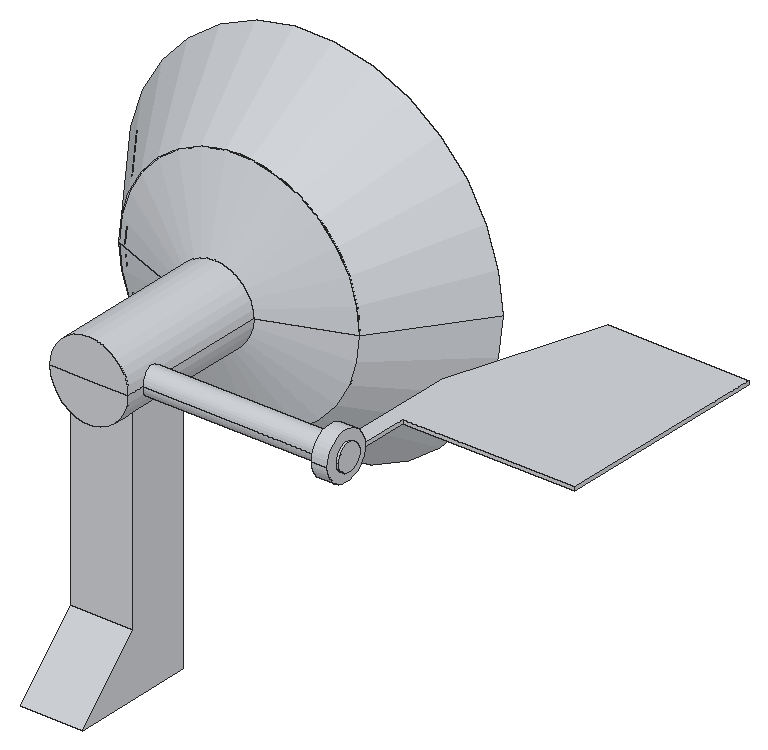
Revit family "e4e049782293400eb9de79f15e114c5d", category Plumbing Fixtures, host Face, Revit 2021
Family settings
  Host = Face
  Round Connector Dimension = Use Radius
  Part Type = Normal
  OmniClass Number = 23.45.05.14.24
  OmniClass Title = Eye Wash Fountains
  Seek Item ID = Emergency Eye Wash-0000-USA-ENU
  Cut with Voids When Loaded = No
  Shared = No
  Room Calculation Point = No
Parameters (values of type "Standard")
  Sanitary Radius = 5/8"
  Sanitary Diameter = Sanitary Radius * 2  # 1 1/4"
  WFU = 3
  Springer Head Material = none
  HWFU = 0
  Flow Pressure [instance] = 30.00 psi
  Eye Wash Material = none
  Default Elevation = 3' - 4"
  Cold Water Radius = 1/4"
  Cold Water Diameter = Cold Water Radius * 2  # 1/2"
  CWFU = 2
  Band Material = none
Reference planes (in)
  plane 1 "Center (Front/Back)": y = 0
  plane 2: z = 0
  plane 3 "Center (Left/Right)": x = 0
  plane 4: z = 9
  plane 5: x = -6
  plane 6: x = -3.84375
  plane 7: y = -3
  plane 8: y = -4
  plane 9: x = -1.25
  plane 10: y = -9
  plane 11: y = -10.5
  plane 12: y = -8.5
  plane 13: y = -6.5
  plane 14: y = -8
  plane 15: x = 7.5
  plane 16: x = 7.40625
  plane 17: z = 8.25
  plane 18: z = 2
  plane 19: x = -1
  plane 20: x = 1
  plane 21: y = -7.25
  plane 22: y = -8.75
  plane 23: y = 1.1875
  plane 24: y = -3.5
  plane 25: y = -5.75
  plane 26: x = 12.90625
  plane 27: x = 8.40625
  plane 28: z = 9.0625
  plane 29: z = 8.9375
  plane 30: x = 3.375
  plane 31: y = -1.53125
  plane 32: x = 2.09375
  plane 33: x = 6.90625
Forms (in)
  Revolve 1, solid, material <- "Eye Wash Material"
    sketch origin (63.82432, 0, 9) x (1, 0, 0) y (0, 1, 0)
      loop
        line (-69.82432, 0) -> (-67.66807, -3) -> (-67.47565, -3) -> (-69.6319, 0) -> (-69.82432, 0)
      axis (-63.82432, 0) -> (-63.82432, -3)
    angle from 0 to 360
  Revolve 2, solid, material <- "Eye Wash Material"
    sketch origin (63.82432, 0, 9) x (1, 0, 0) y (0, 1, 0)
      loop
        line (-67.66807, -3) -> (-65.07432, -4) -> (-65.07432, -9) -> (-63.82432, -9) -> (-63.82432, -3) -> (-67.66807, -3)
      axis (-63.82432, -3) -> (-63.82432, -9)
    angle from 0 to 360
  Extrusion 3, solid, material <- "Eye Wash Material"
    sketch origin (0, 0, 0) x (0, 1, 0) y (0, 0, 1)
      loop
        circle (-8, 9) r 0.42188
    from 0 to 7.5
  Extrusion 4, solid, material <- "Eye Wash Material"
    sketch origin (0, 0, 0) x (0, 1, 0) y (0, 0, 1)
      loop
        circle (-8, 9) r 0.75
    from 6.90625 to 7.40625
  Extrusion 5, solid, material <- "Eye Wash Material"
    sketch origin (0, 0, 0) x (0, 1, 0) y (0, 0, 1)
      loop
        line (-8.5, 8.25) -> (-8.5, 2) -> (-10.5, 0) -> (-6.5, 0) -> (-6.5, 8.25) -> (-8.5, 8.25)
    from -1 to 1
  Extrusion 6, solid, material <- "Band Material"
    sketch origin (63.82432, 0, 9) x (1, 0, 0) y (0, 1, 0)
      loop
        line (-55.41807, 1.1875) -> (-56.91807, -3.5) -> (-56.91807, -7.25) -> (-56.41807, -7.25) -> (-56.41807, -5.75) -> (-50.91807, -5.75) -> (-50.91807, 1.1875) -> (-55.41807, 1.1875)
    from -0.0625 to 0.0625
  Sweep 7, solid, material <- "Eye Wash Material"
    path origin (63.82432, 0, 9) x (1, 0, 0) y (0, 1, 0)
      loop
        line (-60.44932, -3) -> (-60.44932, -1.53125)
        arc (-60.44932, -1.53125) -> (-60.49298, -1.19964) -> (-60.62098, -0.89063) r 1.28125
        line (-60.62098, -0.89063) -> (-61.35535, 0.38135)
    profile origin (3.375, -2.26563, 9) x (-1, 0, 0) y (0, 0, 1)
      loop
        circle (0, 0) r 0.25
  Sweep 8, solid, material <- "Springer Head Material"
    path origin (63.82432, 0, 9) x (1, 0, 0) y (0, 1, 0)
      loop
        line (-61.35535, 0.38135) -> (-61.60535, 0.81436)
    profile origin (2.34397, 0.59786, 9) x (-0.866025, -0.5, 0) y (0, 0, 1)
      loop
        circle (0, 0) r 0.5
  Sweep 9, solid, material <- "Eye Wash Material"
    path origin (-63.82432, 0, 9) x (-1, 0, 0) y (0, -1, 0)
      loop
        line (-60.44932, 3) -> (-60.44932, 1.53125)
        arc (-60.44932, 1.53125) -> (-60.49298, 1.19964) -> (-60.62098, 0.89063) r 1.28125
        line (-60.62098, 0.89063) -> (-61.35535, -0.38135)
    profile origin (-3.375, -2.26563, 9) x (-1, 0, 0) y (0, 0, 1)
      loop
        circle (0, 0) r 0.25
  Sweep 10, solid, material <- "Springer Head Material"
    path origin (-63.82432, 0, 9) x (-1, 0, 0) y (0, -1, 0)
      loop
        line (-61.35535, -0.38135) -> (-61.60535, -0.81436)
    profile origin (-2.34397, 0.59786, 9) x (-0.866025, 0.5, 0) y (0, 0, 1)
      loop
        circle (0, 0) r 0.5
Cuts and joins
  joined: Revolve 2, Extrusion 3, Extrusion 4, Extrusion 5
Dimensions and locks (in)
  locked: plane 4 to plane 2 at 9
  locked: plane 5 to plane 3 "Center (Left/Right)" at 6
  locked: plane 6 to plane 3 "Center (Left/Right)" at 3.84375
  locked: plane 7 to plane 1 "Center (Front/Back)" at 3
  locked: plane 8 to plane 7 at 1
  locked: plane 9 to plane 3 "Center (Left/Right)" at 1.25
  locked: plane 10 to plane 8 at 5
  locked: plane 12 to plane 10 at 0.5
  locked: plane 13 to plane 12 at 2
  locked: plane 13 to plane 11 at 4
  locked: plane 14 to plane 10 at 1
  locked: plane 17 to plane 4 at 0.75
  locked: plane 17 to plane 18 at 6.25
  locked: plane 19 to plane 3 "Center (Left/Right)" at 1
  locked: plane 3 "Center (Left/Right)" to plane 20 at 1
  locked: plane 21 to plane 14 at 0.75
  locked: plane 23 to plane 22 at 9.9375
  locked: plane 23 to plane 24 at 4.6875
  locked: plane 23 to plane 25 at 6.9375
  locked: plane 3 "Center (Left/Right)" to plane 26 at 12.90625
  locked: plane 3 "Center (Left/Right)" to plane 27 at 8.40625
  locked: plane 4 to plane 28 at 0.0625
  locked: plane 29 to plane 4 at 0.0625
  locked: plane 3 "Center (Left/Right)" to plane 30 at 3.375
  locked: plane 31 to plane 7 at 1.46875
  locked: plane 32 to plane 30 at 1.28125
  locked: cut or joined group of Revolve 2, Extrusion 3, Extrusion 4, Extrusion 5 to connector elem at 0.59375
  locked: connector elem to plane 11 at 2
  locked: plane 3 "Center (Left/Right)" to plane 15 at 7.5
  locked: plane 16 to plane 15 at 0.09375
  locked: plane 33 to plane 16 at 0.5
  aligned and locked: plane 2 to host face
  aligned and locked: level to host face
  aligned and locked: plane 5 to Revolve 1 sketch curve
  aligned and locked: plane 1 "Center (Front/Back)" to Revolve 1 sketch curve  (x4)
  aligned and locked: plane 7 to Revolve 1 sketch curve  (x2)
  aligned and locked: plane 6 to Revolve 1 sketch curve
  aligned and locked: Revolve 1 sketch curve to plane 7
  aligned and locked: Revolve 1 sketch curve to plane 3 "Center (Left/Right)"
  aligned and locked: plane 7 to Revolve 2 sketch curve  (x2)
  aligned and locked: plane 6 to Revolve 2 sketch curve
  aligned and locked: plane 8 to Revolve 2 sketch curve
  aligned and locked: plane 9 to Revolve 2 sketch curve
  aligned and locked: Revolve 2 sketch curve to plane 9
  aligned and locked: plane 3 "Center (Left/Right)" to Revolve 2 sketch curve
  aligned and locked: Revolve 2 sketch curve to plane 10
  aligned and locked: Revolve 2 sketch curve to Revolve 2 sketch curve  (x2)
  aligned and locked: plane 14 to Extrusion 3 sketch curve
  aligned and locked: plane 4 to Extrusion 3 sketch curve
  aligned and locked: plane 15 to Extrusion 3
  aligned and locked: plane 14 to Extrusion 4 sketch curve
  aligned and locked: plane 4 to Extrusion 4 sketch curve
  aligned and locked: plane 16 to Extrusion 4
  aligned and locked: plane 17 to Extrusion 5 sketch curve
  aligned and locked: Extrusion 5 sketch curve to plane 13
  aligned and locked: plane 12 to Extrusion 5 sketch curve  (x2)
  aligned and locked: Extrusion 5 sketch curve to plane 2
  aligned and locked: plane 18 to Extrusion 5 sketch curve
  aligned and locked: plane 11 to Extrusion 5 sketch curve
  aligned and locked: plane 2 to Extrusion 5 sketch curve
  aligned and locked: Extrusion 5 to plane 19
  aligned and locked: plane 20 to Extrusion 5
  aligned and locked: Extrusion 6 sketch curve to plane 23
  aligned and locked: Extrusion 6 sketch curve to plane 26
  aligned and locked: plane 25 to Extrusion 6 sketch curve
  aligned and locked: Extrusion 6 sketch curve to plane 16
  aligned and locked: plane 21 to Extrusion 6 sketch curve
  aligned and locked: plane 27 to Extrusion 6 sketch curve  (x2)
  aligned and locked: plane 23 to Extrusion 6 sketch curve  (x2)
  aligned and locked: Extrusion 6 to plane 28
  aligned and locked: plane 29 to Extrusion 6
  aligned and locked: plane 31 to Sweep 7 sketch curve
  aligned and locked: plane 32 to Sweep 7 sketch curve
  aligned and locked: plane 30 to Sweep 7 sketch curve
  aligned and locked: plane 4 to Sweep 7 sketch curve
  aligned and locked: Extrusion 6 sketch curve to plane 33
  aligned and locked: plane 24 to Extrusion 6 sketch curve
  aligned and locked: plane 33 to Extrusion 6 sketch curve
  aligned and locked: cut or joined group of Revolve 2, Extrusion 3, Extrusion 4, Extrusion 5 to plane 33
Connectors (in)
  piping at (0, -7.09375, 0), diameter 0.5, driven by "CWFU", driven by "Cold Water Radius", driven by "Flow Pressure"
    settings: on plane 2, index 1, connector inside diameter 1/2", connector length 0' - 0", flow factor 0, pipe flow 0 GPM, pressure drop 30.00 psi, fitting loss kfactor 0, connector angle 0.00°, fixture units 2, engagement length 0' - 0", angle of deflection 0.00°, flow configuration 3, flow direction 1, fitting loss method 4, system type 20, joint type 0, gender type 0, connector reference index -1, connector utility 0, adjustable connector no, is connector primary yes, connector description "In"
  piping at (0, -8.5, 0), diameter 1.25, driven by "WFU", driven by "Sanitary Radius"
    settings: on plane 2, index 2, connector inside diameter 1 1/4", connector length 0' - 0", flow factor 0, pipe flow 0 GPM, pressure drop 0.00 psi, fitting loss kfactor 0, connector angle 0.00°, fixture units 3, engagement length 0' - 0", angle of deflection 0.00°, flow configuration 3, flow direction 2, fitting loss method 0, system type 16, joint type 0, gender type 0, connector reference index -1, connector utility 0, adjustable connector yes, is connector primary no, connector description "Out"
